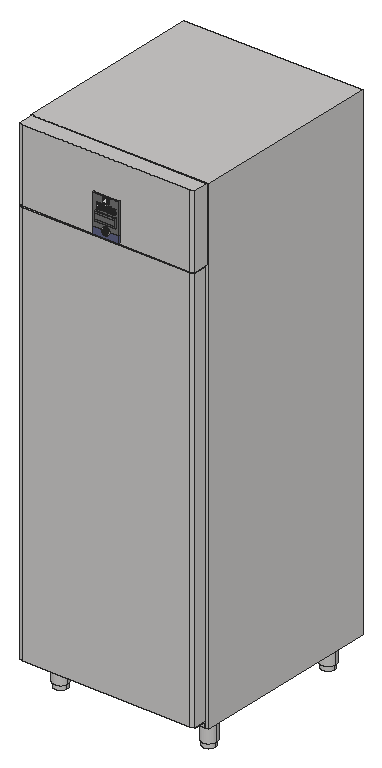
Revit family "QF_ELECTROLUXPROFESSIONAL_725233_REX71FR60MH", category Specialty Equipment, Revit 2018
Family settings
  Round Connector Dimension = Use Diameter
  Part Type = Normal
  Work Plane-Based = No
  Always vertical = Yes
  Cut with Voids When Loaded = No
  Shared = No
  Room Calculation Point = No
Parameters (values of type "Standard")
  Weight = 106.00 kg
  Watts = 0 W
  Volts = 220 V
  URL Manufacturer = "http://professional.electrolux.com"
  URL = "http://professional.electrolux.com"
  Steam Supply Size = 0 mm
  Steam Supply Minimum Pressure = 0.0 Pa
  Steam Supply Maximum Pressure = 0.0 Pa
  Steam Pounds per Hour = 0
  Refrigeration Suction Line Size = 0 mm
  Refrigeration Liquid Line Size = 0 mm
  Refrigerant Compressor Remote = yes
  Manufacturer = "Electrolux Professional"
  Phase = 1
  Model = "REX71FR60MH"
  Length Actual = 710 mm  # constant formula
  Item Number = "725233"
  Hot Water Size = 0 mm
  Height Actual = 2050 mm  # constant formula
  HP = "0.3 HP"
  Gas Size = 0 mm
  Gas KW = 0
  Gas Input Pressure = 0 W
  Direct Waste Size = 0 mm
  Description = "1-DOOR REFRIG 670L -2/+10°C DIG. A304 - R290 - MARINE 60HZ"
  Depth Actual = 835 mm  # constant formula
  Cycle = 60 Hz
  Condensate Return Size = 0 mm
  Compressed Air Volume = 0.0 L/s
  Compressed Air Size = 0 mm
  Compressed Air Pressure = 0.0 Pa
  Cold Water Size = 0 mm
  Accessory = yes
Reference planes
  plane 1 "Center (Front/Back)": y = 0
  plane 2: z = 0
  plane 3 "Center (Left/Right)": x = 0
  plane 4 "BASE": z = 110
  plane 5 "TOP": z = 2050
  plane 6 "FRONT": y = -417.5
  plane 7 "BACK": y = 417.5
  plane 8 "LEFT": x = -355
  plane 9 "RIGHT": x = 355
Forms (mm)
  Extrusion 1, solid, material "QF_Finishes_Stainless Steel"
    sketch origin (0, 0, 0) x (1, 0, 0) y (0, 1, 0)
      loop
        circle (-278, 344.5) r 25
      loop
        circle (278, 344.5) r 25
      loop
        circle (-295, -269.5) r 25
      loop
        circle (295, -269.5) r 25
    from 0 to 20
  Extrusion 2, solid, material "QF_Finishes_Stainless Steel"
    sketch origin (0, 0, 0) x (1, 0, 0) y (0, 1, 0)
      loop
        circle (-278, 344.5) r 30
      loop
        circle (278, 344.5) r 30
      loop
        circle (295, -269.5) r 30
      loop
        circle (-295, -269.5) r 30
    from 20 to 110
  Extrusion 3, solid, material "QF_Finishes_Stainless Steel"
    sketch origin (0, 0, 110) x (-1, 0, 0) y (0, -1, 0)
      loop
        line (355, -417.5) -> (355, 345.5) -> (-355, 345.5) -> (-355, -417.5) -> (355, -417.5)
    from 0 to 1940
  Extrusion 4, solid
    sketch origin (0, 417.5, 1660) x (-1, 0, 0) y (0, 0, 1)
      loop
        circle (339, 124) r 10
    from 0 to 3.2
  Extrusion 5, solid, material "QF_Door-Drawer Clearances", detail levels coarse
    sketch origin (0, 0, 110) x (-1, 0, 0) y (0, -1, 0)
      loop
        line (-345, 409.5) -> (-283, 409.5) -> (-283, 1006.5) -> (-301, 1006.5) -> (-301, 1024.5) -> (-323, 1024.5) -> (-323, 1062.5) -> (-345, 1062.5) -> (-345, 409.5)
    from 1642.965 to 28
  Extrusion 6, solid, material "QF_Door-Drawer Clearances", detail levels coarse
    sketch origin (0, 0, 110) x (-1, 0, 0) y (0, -1, 0)
      loop
        line (-283, 409.5) -> (347, 409.5)
        arc (347, 409.5) -> (150.684, 878.295) -> (-323, 1062.5) r 650
        line (-323, 1062.5) -> (-323, 1024.5) -> (-301, 1024.5) -> (-301, 1006.5) -> (-283, 1006.5) -> (-283, 409.5)
    from 1642.965 to 28
  Extrusion 7, solid, material "QF_Clearances", detail levels coarse
    sketch origin (0, 0, 110) x (-1, 0, 0) y (0, -1, 0)
      loop
        line (355, 417.5) -> (355, -417.5) -> (-355, -417.5) -> (-355, 417.5) -> (-375, 417.5) -> (-375, -447.5) -> (375, -447.5) -> (375, 417.5) -> (355, 417.5)
    from -110 to 1940
  Extrusion 8, solid, material "QF_Clearances", detail levels coarse
    sketch origin (0, 0, 2050) x (-1, 0, 0) y (0, -1, 0)
      loop
        line (375, -447.5) -> (375, 417.5) -> (-375, 417.5) -> (-375, -447.5) -> (375, -447.5)
    from 0 to 500
  Extrusion 9, void
    sketch origin (0, 417.5, 0) x (-1, 0, 0) y (0, 0, 1)
      loop
        line (280, 1724.965) -> (-280, 1724.965) -> (-280, 180) -> (0, 170) -> (280, 179.676) -> (280, 1724.965)
    from -56 to -763
  Extrusion 10, solid, material "QF_Finishes_Stainless Steel"
    sketch origin (0, 0, 110) x (-1, 0, 0) y (0, -1, 0)
      loop
        circle (0, 254.5) r 7.938
    from 0 to -10
Cuts and joins
  joined: Extrusion 7, Extrusion 8
  Extrusion 9 cuts Extrusion 3
Lines and regions (mm)
  symbolic lines, style "SpecialityEquipmentHiddenLines"
    curve 1: line (345, -409.5, 110) -> (345, -1062.5, 110)
    curve 2: line (345, -1062.5, 110) -> (323, -1062.5, 110)
    curve 3: line (283, -409.5, 110) -> (283, -1006.5, 110)
    curve 4: line (323, -1062.5, 110) -> (323, -1024.5, 110)
    curve 5: line (323, -1024.5, 110) -> (301, -1024.5, 110)
    curve 6: line (301, -1024.5, 110) -> (301, -1006.5, 110)
    curve 7: line (301, -1006.5, 110) -> (283, -1006.5, 110)
    curve 8: arc (-347, -409.5, 110) -> (-150.684, -878.295, 110) -> (323, -1062.5, 110) r 650
  symbolic lines, style "QF_Clearances", detail levels coarse
    curve 9: line (-355, -417.5, 2050) -> (-375, -417.5, 2050)
    curve 10: line (-375, -417.5, 2050) -> (-375, 447.5, 2050)
    curve 11: line (-375, 447.5, 2050) -> (375, 447.5, 2050)
    curve 12: line (375, 447.5, 2050) -> (375, -417.5, 2050)
    curve 13: line (375, -417.5, 2050) -> (355, -417.5, 2050)
  symbolic lines
    curve 14: line (355, 417.5, 110) -> (-355, 417.5, 110)
    curve 15: line (355, -345.5, 110) -> (355, 417.5, 110)
    curve 16: line (-355, -345.5, 110) -> (355, -345.5, 110)
    curve 17: line (-355, 417.5, 110) -> (-355, -345.5, 110)
Dimensions and locks
  equal spacing: plane 7 "BACK", plane 1 "Center (Front/Back)", plane 6 "FRONT"
  equal spacing: plane 8 "LEFT", plane 3 "Center (Left/Right)", plane 9 "RIGHT"
  plane 8 "LEFT" to plane 9 "RIGHT" = 710 mm
  plane 7 "BACK" to plane 6 "FRONT" = 835 mm
  plane 5 "TOP" to plane 2 = 2050 mm
  aligned and locked: level to plane 2
Automatic sketch dimensions
  Extrusion 3 sketch curve to plane 7 "BACK" = 0 mm
  Extrusion 3 sketch curve to plane 9 "RIGHT" = 0 mm
  Extrusion 3 sketch curve to plane 8 "LEFT" = 0 mm
  plane 8 "LEFT" to Extrusion 4 sketch curve = 16 mm
  plane 4 "BASE" to Extrusion 4 sketch curve = 1674 mm
  plane 9 "RIGHT" to Extrusion 5 sketch curve = 10 mm
  Extrusion 5 sketch curve to plane 6 "FRONT" = 589 mm
  Extrusion 5 sketch curve to Extrusion 5 sketch curve = 18 mm
  Extrusion 5 sketch curve to Extrusion 5 sketch curve = 38 mm
  plane 6 "FRONT" to Extrusion 5 sketch curve = 8 mm
  plane 6 "FRONT" to Extrusion 6 sketch curve = 4.692 mm
  Extrusion 6 sketch curve to Extrusion 6 sketch curve = 18 mm  (x2)
  Extrusion 6 sketch curve to Extrusion 6 sketch curve = 38 mm
  plane 8 "LEFT" to Extrusion 6 sketch curve = 8 mm
  plane 6 "FRONT" to Extrusion 6 sketch curve = 8 mm
  Extrusion 7 sketch curve to plane 6 "FRONT" = 0 mm  (x2)
  Extrusion 7 sketch curve to plane 7 "BACK" = 0 mm
  Extrusion 7 sketch curve to plane 9 "RIGHT" = 0 mm
  Extrusion 7 sketch curve to plane 8 "LEFT" = 0 mm
  Extrusion 7 sketch curve to plane 9 "RIGHT" = 20 mm
  Extrusion 7 sketch curve to plane 8 "LEFT" = 20 mm
  plane 7 "BACK" to Extrusion 7 sketch curve = 30 mm
  Extrusion 8 sketch curve to plane 6 "FRONT" = 0 mm
  Extrusion 8 sketch curve to plane 9 "RIGHT" = 20 mm
  Extrusion 8 sketch curve to plane 8 "LEFT" = 20 mm
  plane 7 "BACK" to Extrusion 8 sketch curve = 30 mm
  plane 8 "LEFT" to Extrusion 1 sketch curve = 60 mm
  plane 8 "LEFT" to Extrusion 1 sketch curve = 77 mm
  plane 9 "RIGHT" to Extrusion 1 sketch curve = 77 mm
  plane 9 "RIGHT" to Extrusion 1 sketch curve = 60 mm
  plane 6 "FRONT" to Extrusion 1 sketch curve = 148 mm  (x2)
  Extrusion 1 sketch curve to plane 7 "BACK" = 73 mm  (x2)
  plane 8 "LEFT" to Extrusion 2 sketch curve = 60 mm
  plane 8 "LEFT" to Extrusion 2 sketch curve = 77 mm
  plane 9 "RIGHT" to Extrusion 2 sketch curve = 77 mm
  plane 9 "RIGHT" to Extrusion 2 sketch curve = 60 mm
  plane 6 "FRONT" to Extrusion 2 sketch curve = 148 mm  (x2)
  Extrusion 2 sketch curve to plane 7 "BACK" = 73 mm  (x2)
  plane 6 "FRONT" to Extrusion 3 sketch curve = 72 mm
  plane 9 "RIGHT" to Extrusion 5 sketch curve = 32 mm
  Extrusion 5 sketch curve to Extrusion 5 sketch curve = 22 mm
  Extrusion 5 sketch curve to Extrusion 5 sketch curve = 62 mm
  plane 9 "RIGHT" to Extrusion 6 sketch curve = 72 mm
  Extrusion 6 sketch curve to Extrusion 6 sketch curve = 19.992 mm
  Extrusion 6 sketch curve to Extrusion 6 sketch curve = 22 mm
  curve 13 to plane 6 "FRONT" = 0 mm
  curve 13 to plane 9 "RIGHT" = 0 mm
  curve 9 to plane 6 "FRONT" = 0 mm
  curve 9 to plane 8 "LEFT" = 0 mm
  curve 12 to plane 9 "RIGHT" = 20 mm
  curve 9 to curve 9 = 20 mm
  plane 7 "BACK" to curve 12 = 30 mm
  Extrusion 10 sketch curve to plane 3 "Center (Left/Right)" = 0 mm
  plane 6 "FRONT" to Extrusion 10 sketch curve = 163 mm
  Extrusion 9 sketch curve to plane 3 "Center (Left/Right)" = 0 mm
  plane 8 "LEFT" to Extrusion 9 sketch curve = 75 mm
  plane 4 "BASE" to Extrusion 9 sketch curve = 60 mm
  plane 4 "BASE" to Extrusion 9 sketch curve = 69.676 mm
  Extrusion 9 sketch curve to plane 5 "TOP" = 325.035 mm
  plane 9 "RIGHT" to Extrusion 9 sketch curve = 75 mm
  Extrusion 9 sketch curve to Extrusion 9 sketch curve = 0.324 mm
  curve 15 to plane 7 "BACK" = 0 mm
  curve 15 to plane 9 "RIGHT" = 0 mm
  curve 16 to plane 8 "LEFT" = 0 mm
  plane 9 "RIGHT" to curve 2 = 10 mm
  plane 9 "RIGHT" to curve 5 = 32 mm
  plane 6 "FRONT" to curve 8 = 4.692 mm
  curve 1 to curve 8 = 42.008 mm
  curve 4 to curve 6 = 22 mm
  curve 6 to curve 7 = 18 mm
  plane 6 "FRONT" to curve 17 = 72 mm
  curve 7 to plane 6 "FRONT" = 589 mm
  curve 6 to curve 6 = 18 mm
  curve 4 to curve 2 = 38 mm
  plane 6 "FRONT" to curve 8 = 8 mm
  plane 6 "FRONT" to curve 3 = 8 mm
  plane 6 "FRONT" to curve 1 = 8 mm
  radius of Extrusion 1 sketch curve = 25 mm  (x4)
  radius of Extrusion 2 sketch curve = 30 mm  (x4)
  radius of Extrusion 4 sketch curve = 10 mm
  radius of Extrusion 10 sketch curve = 7.938 mm
Nested families
  nested 1: "QF_725233_Door" at (0, -345.5, 968.365) x (1, 0, 0) z (0, -1, 0), type "QF_725233_Door"
    with Show Clearance yes
  nested 2: "Refrigerator" at (355, -417.5, 110), type "Refrigerator"
Connectors
  electrical at (-339, 420.7, 1784), driven by "Volts"
    settings: on Extrusion 4, index 2, voltage 220 V, apparent load 0 VA, apparent load phase1 0 VA, apparent load phase2 0 VA, apparent load phase3 0 VA, power factor 1, load classification "Other", number of poles 1, system type 30, power factor state 1, is connector primary yes, connector utility no, sub classification motor no, connector description "Electrical Connection"
  piping at (0, -254.5, 100), diameter 15.875
    settings: on Extrusion 10, index 3, connector inside diameter 609.6 mm, connector length 0 mm, flow factor 0, pipe flow 0.0 L/s, pressure drop 0.0 Pa, fitting loss kfactor 0, connector angle 0.00°, fixture units 0, engagement length 0 mm, angle of deflection 0.00°, flow configuration 1, flow direction 2, fitting loss method 0, system type 16, joint type 0, gender type 0, connector reference index -1, connector utility 0, adjustable connector no, is connector primary yes, connector description "Drain"
Definition of nested family "QF_725233_Door"
  Parameters
    Show Clearance [instance] = yes
    Model = "725226"
    Default Elevation = 0 mm
  Reference planes
    plane 1 "Center (Front/Back)": y = 0
    plane 2: z = 0
    plane 3 "Center (Left/Right)": x = 0
  Forms (mm)
    Extrusion 1, solid
      sketch origin (0, -919.2, 0) x (1, 0, 0) y (0, 1, 0)
        loop
          line (-460, 2119.2) -> (-460, -162.846) -> (488.967, -162.846) -> (488.967, 2119.2) -> (-460, 2119.2)
      from 0 to -59.546
    Extrusion 2, solid
      sketch origin (0, 0, 0) x (1, 0, 0) y (0, 0, 1)
        loop
          line (-347, 60) -> (-347, 0) -> (347, 0) -> (347, 60) -> (332, 64) -> (-332, 64) -> (-347, 60)
      from -1081.6 to -791.6
    Extrusion 3, solid
      sketch origin (0, 0, 0) x (1, 0, 0) y (0, 0, 1)
        loop
          line (-347, 60) -> (-347, 26) -> (-325, 26) -> (-325, 8) -> (-307, 8) -> (-307, 0) -> (339, 0) -> (339, 8) -> (347, 8) -> (347, 60) -> (332, 64) -> (-332, 64) -> (-347, 60)
      from -784.6 to 830.4
    Extrusion 4, solid
      sketch origin (119, -516.365, 0) x (0, 1, 0) y (0, 0, 1)
        loop
          line (-323.003, 40.312) -> (-316.501, 40.312) -> (-316.501, 42.812) -> (-325.503, 42.812) -> (-325.503, 2.5) -> (-342, 2.5) -> (-342, 0) -> (-323.003, 0) -> (-323.003, 12.259) -> (-323.003, 40.312)
        loop
          line (-314, 38.311) -> (-316.501, 38.311) -> (-316.501, 14.304) -> (-319.752, 14.304) -> (-319.752, 11.804) -> (-314, 11.804) -> (-314, 38.311)
      from 185 to 220
    Extrusion 5, solid
      sketch origin (119, 469.597, 0) x (0, 1, 0) y (0, 0, 1)
        loop
          line (315.003, 27.948) -> (315.003, 2.948) -> (315.003, 0) -> (322.003, 0) -> (322.003, 2.5) -> (317.503, 2.5) -> (317.503, 27.948) -> (315.003, 27.948)
      from 185 to 220
  Lines and regions (mm)
    symbolic lines
      curve 1: line (-332, 0, 64) -> (332, 0, 64)
      curve 2: line (-347, 0, 0) -> (-347, 0, 60)
      curve 3: line (347, 0, 0) -> (-347, 0, 0)
      curve 4: line (347, 0, 60) -> (347, 0, 0)
      curve 5: line (-347, 0, 26) -> (-325, 0, 26)
      curve 6: line (-325, 0, 26) -> (-325, 0, 8)
      curve 7: line (-325, 0, 8) -> (-307, 0, 8)
      curve 8: line (-307, 0, 8) -> (-307, 0, 0)
      curve 9: line (339, 0, 8) -> (347, 0, 8)
      curve 10: line (339, 0, 8) -> (339, 0, 0)
      curve 11: line (-332, 0, 64) -> (-347, 0, 60)
      curve 12: line (332, 0, 64) -> (347, 0, 60)
  Dimensions and locks
    aligned and locked: plane 2 to Extrusion 1
    aligned and locked: level to Extrusion 1
  Nested families
    nested 1: "QF_DisplayStandardCabinets" at (0, 863.6, 64), type "QF_DisplayStandardCabinets"
      with Show Clearance yes
  Definition of nested family "QF_DisplayStandardCabinets"
    Parameters
      Show Clearance [instance] = yes
      Model = "728658"
      Default Elevation = 1219.2 mm
    Reference planes
      plane 1 "Center (Front/Back)": y = 0
      plane 2: z = 0
      plane 3 "Center (Left/Right)": x = 0
    Forms (mm)
      Extrusion 1, solid
        sketch origin (0, -919.2, 0) x (1, 0, 0) y (0, 1, 0)
          loop
            line (-198.75, 1146.2) -> (-198.75, 709.567) -> (165.741, 709.567) -> (165.741, 1146.2) -> (-198.75, 1146.2)
        from 0 to -59.546
      Extrusion 2, solid
        sketch origin (-59, -44.611, 0) x (0, 1, 0) y (-1, 0, 0)
          loop
            circle (0.611, -59) r 14
        from 4 to 7
      Extrusion 3, solid
        sketch origin (744.635, 320.889, 0) x (0, 1, 0) y (-1, 0, 0)
          loop
            circle (-364.889, 744.635) r 10
          loop
            circle (-364.889, 744.635) r 9
        from 4 to 8
      Extrusion 4, solid
        sketch origin (744.635, 320.889, 0) x (0, 1, 0) y (-1, 0, 0)
          loop
            circle (-364.889, 744.635) r 8.7
        from 4 to 8
      Extrusion 5, void
        sketch origin (744.635, 320.889, 0) x (0, 1, 0) y (-1, 0, 0)
          loop
            line (-372.339, 745.885) -> (-372.339, 743.385) -> (-362.339, 743.385) -> (-362.339, 745.885) -> (-372.339, 745.885)
        from 8.592 to 6.269
      Extrusion 6, solid
        sketch origin (744.635, 320.889, 0) x (0, 1, 0) y (-1, 0, 0)
          loop
            line (-372.339, 745.885) -> (-372.339, 743.385) -> (-362.339, 743.385) -> (-362.339, 745.885) -> (-372.339, 745.885)
        from 6 to 8
      Extrusion 7, solid
        sketch origin (0, 0, 0) x (1, 0, 0) y (0, 1, 0)
          loop
            line (-51.473, 80) -> (-51.473, -44) -> (-14, -44)
            arc (-14, -44) -> (0, -30) -> (14, -44) r 14
            line (14, -44) -> (50.954, -44) -> (50.954, 80) -> (-51.473, 80)
        from 0 to 4
      Extrusion 8, solid
        sketch origin (0, -30, 0) x (0, 1, 0) y (0, 0, 1)
          loop
            line (10.404, 4) -> (17.404, 4) -> (17.404, 8)
            arc (17.404, 8) -> (13.868, 7.749) -> (10.404, 7) r 25
            line (10.404, 7) -> (10.404, 4)
          loop
            arc (47.404, 7) -> (43.939, 7.749) -> (40.404, 8) r 25
            line (40.404, 8) -> (40.404, 4) -> (47.404, 4) -> (47.404, 7)
        from 40 to -40
      Extrusion 9, solid
        sketch origin (0, -30, 0) x (1, 0, 0) y (0, 1, 0)
          loop
            line (-40, 40.404) -> (-40, 17.404) -> (40, 17.404) -> (40, 40.404) -> (-40, 40.404)
        from 8 to 4
      Extrusion 10, solid
        sketch origin (46.005, 87.683, 0) x (1, 0, 0) y (0, 1, 0)
          loop
            line (-43.063, -13.359) -> (-43.063, -33.154)
            arc (-43.063, -33.154) -> (-35.746, -23.257) -> (-43.063, -13.359) r 10.352
          loop
            arc (-44.07, -13.359) -> (-52.302, -15.23) -> (-56.268, -22.683) r 10.145
            line (-56.268, -22.683) -> (-52.994, -22.683)
            arc (-52.994, -22.683) -> (-47.143, -20.308) -> (-44.07, -14.793) r 9.509
            line (-44.07, -14.793) -> (-44.07, -13.359)
          loop
            arc (-44.07, -31.721) -> (-47.143, -26.205) -> (-52.994, -23.831) r 9.509
            line (-52.994, -23.831) -> (-56.268, -23.831)
            arc (-56.268, -23.831) -> (-52.309, -31.345) -> (-44.07, -33.408) r 10.411
            line (-44.07, -33.408) -> (-44.07, -31.721)
          loop
            line (-57.02, -12.279) -> (-57.02, -34.279) -> (-34.99, -34.279) -> (-34.99, -12.279) -> (-57.02, -12.279)
        from 4 to 5.6
      Extrusion 11, solid
        sketch origin (-12.866, 61.032, 0) x (1, 0, 0) y (0, 1, 0)
          loop
            line (-15.272, -12.492) -> (-22.708, -12.492) -> (-22.708, -21.151)
            arc (-22.708, -21.151) -> (-21.729, -23.514) -> (-19.367, -24.492) r 3.341
            line (-19.367, -24.492) -> (-15.128, -24.492) -> (-15.128, -22.55) -> (-18.883, -22.55)
            arc (-18.883, -22.55) -> (-20.117, -22.133) -> (-20.642, -20.941) r 1.615
            line (-20.642, -20.941) -> (-20.642, -19.224) -> (-15.593, -19.224) -> (-15.593, -17.274) -> (-20.642, -17.274) -> (-20.642, -14.436) -> (-15.272, -14.436) -> (-15.272, -12.492)
          loop
            line (-13.66, -12.492) -> (-13.66, -24.492) -> (-11.593, -24.492) -> (-11.593, -12.492) -> (-13.66, -12.492)
          loop
            line (31.232, -12.492) -> (31.232, -24.492) -> (33.3, -24.492) -> (33.3, -12.492) -> (31.232, -12.492)
          loop
            line (-8.175, -20.66) -> (-1.392, -20.66)
            arc (-1.392, -20.66) -> (-2.453, -16.934) -> (-6.081, -15.575) r 4.298
            arc (-6.081, -15.575) -> (-9.277, -17.196) -> (-10.188, -20.66) r 4.373
            arc (-10.188, -20.66) -> (-8.988, -23.558) -> (-6.091, -24.758) r 4.097
            arc (-6.091, -24.758) -> (-3.837, -24.425) -> (-1.946, -23.152) r 5.15
            line (-1.946, -23.152) -> (-3.171, -21.928)
            arc (-3.171, -21.928) -> (-4.778, -22.892) -> (-6.645, -22.73) r 3.039
            arc (-6.645, -22.73) -> (-7.784, -21.972) -> (-8.175, -20.66) r 2.013
          loop
            line (-8.123, -19.207) -> (-3.469, -19.207)
            arc (-3.469, -19.207) -> (-4.122, -17.833) -> (-5.557, -17.326) r 1.983
            arc (-5.557, -17.326) -> (-7.213, -17.758) -> (-8.123, -19.207) r 2.321
          loop
            line (6.665, -18.342) -> (7.963, -17.044)
            arc (7.963, -17.044) -> (6.336, -15.866) -> (4.358, -15.514) r 4.497
            arc (4.358, -15.514) -> (1.341, -16.616) -> (-0.242, -19.411) r 4.652
            arc (-0.242, -19.411) -> (2.426, -24.31) -> (7.89, -23.18) r 4.684
            line (7.89, -23.18) -> (6.599, -21.89)
            arc (6.599, -21.89) -> (3.813, -22.811) -> (1.817, -20.66) r 2.714
            arc (1.817, -20.66) -> (1.956, -18.959) -> (3.127, -17.718) r 2.578
            arc (3.127, -17.718) -> (5.002, -17.432) -> (6.665, -18.342) r 2.961
          loop
            line (9.233, -12.492) -> (9.233, -20.693)
            arc (9.233, -20.693) -> (9.411, -21.923) -> (9.872, -23.078) r 5.301
            arc (9.872, -23.078) -> (11.347, -24.251) -> (13.216, -24.498) r 3.531
            line (13.216, -24.498) -> (13.216, -22.561)
            arc (13.216, -22.561) -> (12.66, -22.519) -> (12.142, -22.313) r 1.862
            arc (12.142, -22.313) -> (11.478, -21.611) -> (11.3, -20.66) r 1.713
            line (11.3, -20.66) -> (11.3, -17.691) -> (13.177, -17.691) -> (13.177, -15.813) -> (11.3, -15.813) -> (11.3, -12.492) -> (9.233, -12.492)
          loop
            arc (16.966, -19.93) -> (17.114, -19.065) -> (17.54, -18.298) r 2.607
            arc (17.54, -18.298) -> (18.779, -17.662) -> (20.17, -17.691) r 2.84
            line (20.17, -17.691) -> (20.17, -15.704)
            arc (20.17, -15.704) -> (18.352, -15.876) -> (16.966, -17.064) r 3.016
            line (16.966, -17.064) -> (16.966, -15.813) -> (14.916, -15.813) -> (14.916, -24.492) -> (16.966, -24.492) -> (16.966, -19.93)
          loop
            circle (25.224, -20.154) r 4.599
          loop
            circle (25.224, -20.154) r 2.787
          loop
            arc (40.755, -20.878) -> (40.245, -22.281) -> (38.861, -22.84) r 1.835
            arc (38.861, -22.84) -> (37.476, -22.281) -> (36.966, -20.878) r 1.835
            line (36.966, -20.878) -> (36.966, -15.813) -> (34.881, -15.813) -> (34.881, -21.05)
            arc (34.881, -21.05) -> (36.067, -23.754) -> (38.861, -24.712) r 3.675
            arc (38.861, -24.712) -> (41.685, -23.725) -> (42.839, -20.965) r 3.675
            line (42.839, -20.965) -> (42.839, -15.813) -> (40.755, -15.813) -> (40.755, -20.878)
          loop
            line (44.088, -15.813) -> (47.09, -19.889) -> (43.792, -24.495) -> (46.014, -24.495) -> (48.203, -21.438) -> (50.424, -24.495) -> (52.632, -24.495) -> (49.381, -19.842) -> (52.354, -15.813) -> (50.097, -15.813) -> (48.196, -18.39) -> (46.324, -15.813) -> (44.088, -15.813)
          loop
            line (-21.545, -29.467) -> (-23.194, -29.467) -> (-23.194, -33.617) -> (-22.292, -33.617) -> (-22.292, -32.188) -> (-21.295, -32.188)
            arc (-21.295, -32.188) -> (-20.179, -30.713) -> (-21.545, -29.467) r 1.372
          loop
            arc (-21.334, -31.373) -> (-20.993, -30.839) -> (-21.334, -30.306) r 0.587
            line (-21.334, -30.306) -> (-22.292, -30.306) -> (-22.292, -31.373) -> (-21.334, -31.373)
          loop
            line (-15.033, -29.467) -> (-16.71, -29.467) -> (-16.71, -33.617) -> (-15.808, -33.617) -> (-15.808, -32.188) -> (-14.935, -32.188) -> (-14.339, -33.617) -> (-13.37, -33.617) -> (-14.186, -31.867)
            arc (-14.186, -31.867) -> (-13.795, -31.4) -> (-13.664, -30.805) r 1.281
            arc (-13.664, -30.805) -> (-14.076, -29.857) -> (-15.033, -29.467) r 1.37
          loop
            line (-15.808, -30.306) -> (-15.808, -31.373) -> (-14.85, -31.373)
            arc (-14.85, -31.373) -> (-14.509, -30.839) -> (-14.85, -30.306) r 0.587
            line (-14.85, -30.306) -> (-15.808, -30.306)
          loop
            circle (-8.072, -31.542) r 2.156
          loop
            circle (-8.072, -31.542) r 1.368
          loop
            line (-2.373, -29.467) -> (-2.373, -33.617) -> (-1.493, -33.617) -> (-1.493, -32.167) -> (0.069, -32.167) -> (0.069, -31.237) -> (-1.493, -31.237) -> (-1.493, -30.361) -> (0.219, -30.361) -> (0.219, -29.467) -> (-2.373, -29.467)
          loop
            line (3.719, -29.467) -> (3.719, -32.269)
            arc (3.719, -32.269) -> (4.101, -33.219) -> (5.046, -33.614) r 1.327
            line (5.046, -33.614) -> (6.385, -33.614) -> (6.385, -32.83) -> (5.126, -32.83)
            arc (5.126, -32.83) -> (4.662, -32.447) -> (4.571, -31.852) r 0.845
            line (4.571, -31.852) -> (6.23, -31.852) -> (6.23, -31.068) -> (4.571, -31.068) -> (4.571, -30.251) -> (6.345, -30.251) -> (6.345, -29.467) -> (3.719, -29.467)
          loop
            arc (18.747, -29.993) -> (18.197, -29.542) -> (17.501, -29.398) r 1.485
            arc (17.501, -29.398) -> (16.858, -29.556) -> (16.329, -29.955) r 1.645
            arc (16.329, -29.955) -> (16.232, -30.897) -> (16.84, -31.624) r 1.217
            arc (16.84, -31.624) -> (17.351, -31.794) -> (17.836, -32.029) r 4.201
            arc (17.836, -32.029) -> (18.142, -32.39) -> (17.931, -32.814) r 0.43
            arc (17.931, -32.814) -> (17.539, -32.906) -> (17.149, -32.807) r 0.846
            arc (17.149, -32.807) -> (16.811, -32.564) -> (16.605, -32.203) r 0.983
            line (16.605, -32.203) -> (15.879, -32.542)
            arc (15.879, -32.542) -> (16.14, -33.046) -> (16.562, -33.427) r 1.595
            arc (16.562, -33.427) -> (17.04, -33.631) -> (17.557, -33.683) r 1.719
            arc (17.557, -33.683) -> (18.196, -33.556) -> (18.772, -33.25) r 2.246
            arc (18.772, -33.25) -> (19.027, -32.573) -> (18.896, -31.863) r 1.349
            arc (18.896, -31.863) -> (18.612, -31.535) -> (18.249, -31.298) r 1.564
            arc (18.249, -31.298) -> (17.79, -31.093) -> (17.32, -30.917) r 8.236
            arc (17.32, -30.917) -> (17.048, -30.494) -> (17.441, -30.181) r 0.375
            arc (17.441, -30.181) -> (17.911, -30.294) -> (18.273, -30.616) r 0.998
            line (18.273, -30.616) -> (18.747, -29.993)
          loop
            line (22.554, -29.467) -> (22.554, -33.614) -> (23.407, -33.614) -> (23.407, -29.467) -> (22.554, -29.467)
          loop
            circle (29.157, -31.541) r 1.29
          loop
            circle (29.157, -31.541) r 2.154
          loop
            line (34.878, -33.614) -> (35.739, -33.614) -> (35.739, -31.007) -> (37.636, -33.614) -> (38.465, -33.614) -> (38.465, -29.467) -> (37.604, -29.467) -> (37.604, -32.154) -> (35.707, -29.467) -> (34.878, -29.467) -> (34.878, -33.614)
          loop
            line (42.765, -33.614) -> (43.169, -32.72) -> (44.703, -32.72) -> (45.106, -33.614) -> (46.023, -33.614) -> (44.271, -29.467) -> (43.471, -29.467) -> (41.849, -33.614) -> (42.765, -33.614)
          loop
            line (44.32, -31.869) -> (43.909, -30.958) -> (43.51, -31.869) -> (44.32, -31.869)
          loop
            line (50.258, -32.83) -> (50.258, -29.467) -> (49.406, -29.467) -> (49.406, -33.614) -> (51.853, -33.614) -> (51.853, -32.83) -> (50.258, -32.83)
          loop
            arc (12.529, -29.993) -> (11.98, -29.542) -> (11.284, -29.398) r 1.485
            arc (11.284, -29.398) -> (10.641, -29.556) -> (10.112, -29.955) r 1.645
            arc (10.112, -29.955) -> (10.014, -30.897) -> (10.622, -31.624) r 1.217
            arc (10.622, -31.624) -> (11.133, -31.794) -> (11.618, -32.029) r 4.201
            arc (11.618, -32.029) -> (11.925, -32.39) -> (11.714, -32.814) r 0.43
            arc (11.714, -32.814) -> (11.322, -32.906) -> (10.931, -32.807) r 0.846
            arc (10.931, -32.807) -> (10.594, -32.564) -> (10.387, -32.203) r 0.983
            line (10.387, -32.203) -> (9.662, -32.542)
            arc (9.662, -32.542) -> (9.923, -33.046) -> (10.345, -33.427) r 1.595
            arc (10.345, -33.427) -> (10.823, -33.631) -> (11.34, -33.683) r 1.719
            arc (11.34, -33.683) -> (11.979, -33.556) -> (12.555, -33.25) r 2.246
            arc (12.555, -33.25) -> (12.809, -32.573) -> (12.678, -31.863) r 1.349
            arc (12.678, -31.863) -> (12.394, -31.535) -> (12.031, -31.298) r 1.564
            arc (12.031, -31.298) -> (11.573, -31.093) -> (11.102, -30.917) r 8.236
            arc (11.102, -30.917) -> (10.83, -30.494) -> (11.223, -30.181) r 0.375
            arc (11.223, -30.181) -> (11.694, -30.294) -> (12.056, -30.616) r 0.998
            line (12.056, -30.616) -> (12.529, -29.993)
        from 4 to 5.6
      Extrusion 12, solid
        sketch origin (0, 0, 0) x (1, 0, 0) y (0, 1, 0)
          loop
            line (-51.473, -44) -> (-51.473, -70) -> (50.954, -70) -> (50.954, -44) -> (14, -44)
            arc (14, -44) -> (0, -58) -> (-14, -44) r 14
            line (-14, -44) -> (-51.473, -44)
        from 0 to 4
    Cuts and joins
      Extrusion 5 cuts Extrusion 4
      joined: Extrusion 8, Extrusion 9
    Lines and regions (mm)
      Split face 1
        outline origin (-41, 10.404, 8) x (-1, 0, 0) y (0, -1, 0)
          loop
            line (-72.157, 0.05) -> (-72.157, 10.5) -> (-78.157, 10.5) -> (-78.157, 0.05) -> (-72.157, 0.05)
      Split face 2
        outline origin (-50, 10.404, 8) x (-1, 0, 0) y (0, -1, 0)
          loop
            line (-72.157, 0.05) -> (-72.157, 10.5) -> (-78.157, 10.5) -> (-78.157, 0.05) -> (-72.157, 0.05)
      Split face 3
        outline origin (-50, 10.404, 8) x (-1, 0, 0) y (0, -1, 0)
          loop
            line (-72.157, 12.45) -> (-72.157, 22.9) -> (-78.157, 22.9) -> (-78.157, 12.45) -> (-72.157, 12.45)
      Split face 4
        outline origin (-50, 10.404, 8) x (-1, 0, 0) y (0, -1, 0)
          loop
            line (-81.157, 12.45) -> (-81.157, 22.9) -> (-87.157, 22.9) -> (-87.157, 12.45) -> (-81.157, 12.45)
      Split face 5
        outline origin (-50, 10.404, 8) x (-1, 0, 0) y (0, -1, 0)
          loop
            line (-13, 0.1) -> (-13, 22.9) -> (-69, 22.9) -> (-69, 0.1) -> (-13, 0.1)
      symbolic lines
        curve 1: line (52.518, 0, 4) -> (-53.037, 0, 4)
        curve 2: line (40, 0, 4) -> (40, 0, 8)
        curve 3: line (40, 0, 8) -> (-40, 0, 8)
        curve 4: line (-40, 0, 8) -> (-40, 0, 4)
        curve 5: line (-64.765, 0, 0) -> (-53.037, 0, 4)
        curve 6: line (52.518, 0, 4) -> (64.135, 0, 0)
    Dimensions and locks
      aligned and locked: plane 2 to Extrusion 1
      aligned and locked: level to Extrusion 1
Definition of nested family "Refrigerator"
  Reference planes
    plane 1 "Center (Front/Back)": y = 0
    plane 2: z = 0
    plane 3 "Center (Left/Right)": x = 0
  Lines and regions (mm)
    detail lines, in view "Ref. Level"
      curve 1: spline (-500, 190, 0) -> (-493.185, 166.706, 0) -> (-473.205, 145, 0) -> (-441.421, 126.36, 0) -> (-400, 112.058, 0) -> (-351.764, 103.067, 0) -> (-300, 100, 0) -> (-248.236, 103.067, 0) -> (-200, 112.058, 0) -> (-158.579, 126.36, 0) -> (-126.795, 145, 0) -> (-106.815, 166.706, 0) -> (-100, 190, 0) -> (-106.815, 213.294, 0) -> (-126.795, 235, 0) -> (-158.579, 253.64, 0) -> (-200, 267.942, 0) -> (-248.236, 276.933, 0) -> (-300, 280, 0) -> (-351.764, 276.933, 0) -> (-400, 267.942, 0) -> (-441.421, 253.64, 0) -> (-473.205, 235, 0) -> (-493.185, 213.294, 0) -> (-500, 190, 0)
      curve 2: line (-300, 130, 0) -> (-300, 250, 0)
      curve 3: line (-351.962, 220, 0) -> (-248.038, 160, 0)
      curve 4: line (-351.962, 160, 0) -> (-248.038, 220, 0)
      curve 5: line (-280.884, 246.873, 0) -> (-300, 225, 0)
      curve 6: line (-300, 225, 0) -> (-319.116, 246.873, 0)
      curve 7: line (-330.311, 207.5, 0) -> (-339.696, 234.992, 0)
      curve 8: line (-358.812, 201.882, 0) -> (-330.311, 207.5, 0)
      curve 9: line (-330.311, 172.5, 0) -> (-358.812, 178.118, 0)
      curve 10: line (-339.696, 145.008, 0) -> (-330.311, 172.5, 0)
      curve 11: line (-300, 155, 0) -> (-319.116, 133.127, 0)
      curve 12: line (-280.884, 133.127, 0) -> (-300, 155, 0)
      curve 13: line (-269.689, 172.5, 0) -> (-260.304, 145.008, 0)
      curve 14: line (-241.188, 178.118, 0) -> (-269.689, 172.5, 0)
      curve 15: line (-269.689, 207.5, 0) -> (-241.188, 201.882, 0)
      curve 16: line (-260.304, 234.992, 0) -> (-269.689, 207.5, 0)
